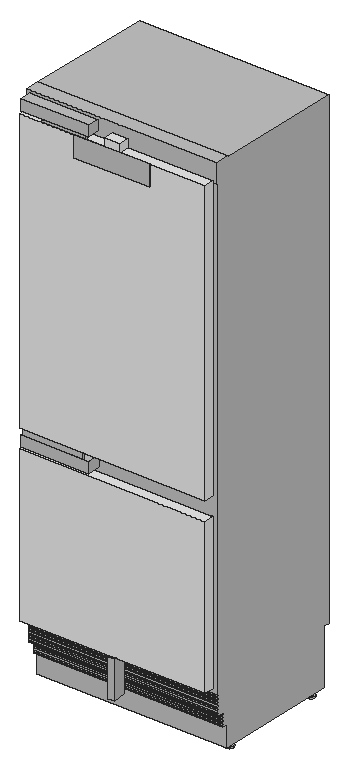
Revit family "FP_Revit_18_RS7621WLUK1_Fridge_90001119A", category Specialty Equipment, Revit 2018
Family settings
  Round Connector Dimension = Use Diameter
  Part Type = Normal
  OmniClass Number = 23.40.40.11.11
  OmniClass Title = Refrigerators and Freezers
  Work Plane-Based = No
  Always vertical = Yes
  Cut with Voids When Loaded = Yes
  Shared = No
  Room Calculation Point = No
Parameters
  Visibility - Visibility Control Note = yes
  Visibility - Clearance Required = yes
  URL = "www.fisherpaykel.com"
  Stainless Steel Door Panels (RD7621WLD) = no
  Product - Width = 756 mm  # constant formula
  Product - Height = 2134 mm  # constant formula
  Product - Depth (exl front panel) = 610 mm  # constant formula
  Model = "RS7621WLUK1"
  Material - Handle = Fisher & Paykel - Aluminium
  Material - Door Structure = Fisher & Paykel - White
  Material - Door Front = Fisher & Paykel - Stainless Steel
  Material - Body = Fisher & Paykel - Grey
  Manufacturer = "Fisher & Paykel Appliances"
  Handle Style - Contemporary Square Fine Black (AHD5RD7621WB) = no
  Handle Style - Contemporary Square Fine (AHD5RD7621W) = no
  Handle Style - Contemporary Square (AHD3RD7621W) = no
  Handle Style - Contemporary Round (AHSRD7621W) = no
  Description = "76cm Integrated Column Freezer with internal Ice & Water"
  Connector Description - Water = "1/2 BSP Stainless steel braided hose"
  Connector Description - Electrical = "230 V, 10 amp fused electrical supply"
  Cavity - Width = 762 mm  # constant formula
  Cavity - Height = 2134 mm  # constant formula
  Cavity - Depth = 650 mm  # constant formula
Reference planes
  plane 1 "Datum": y = 0
  plane 2: z = 0
  plane 3 "Center (Left/Right)": x = 0
  plane 4 "Product LHS": x = -378
  plane 5 "Product RHS": x = 378
  plane 6 "Product - Depth": y = 610
  plane 7 "Cavity LHS": x = -381
  plane 8 "Cavity RHS": x = 381
  plane 9 "Cavity - Depth": y = 628
  plane 10 "Handle Offset": x = 315
  plane 11 "Product Height": z = 2134
  plane 12 "Cavity Height": z = 2134
  plane 13 "Door Panel Datum": y = -4.1
Forms (mm)
  Extrusion 1, solid, material "Fisher & Paykel - Grey" <- "Material - Body", detail levels fine
    sketch origin (0, 0, 0) x (0, 1, 0) y (0, 0, 1)
      loop
        line (100.1, 19.1) -> (587.9, 19.1) -> (587.9, 239.7) -> (610, 239.7) -> (610, 2132.3) -> (105.1, 2132.3) -> (105.1, 2134) -> (49.9, 2134) -> (49.9, 2059) -> (56, 2059) -> (56, 228.6) -> (59.5, 228.6) -> (59.5, 219.7) -> (56.5, 219.7) -> (56.5, 215.9) -> (59.5, 215.9) -> (59.5, 207) -> (56.5, 207) -> (56.5, 203.2) -> (59.5, 203.2) -> (59.5, 194.3) -> (56.5, 194.3) -> (56.5, 190.5) -> (59.5, 190.5) -> (59.5, 181.6) -> (56.5, 181.6) -> (56.5, 177.8) -> (59.5, 177.8) -> (59.5, 168.9) -> (56.5, 168.9) -> (56.5, 165.1) -> (59.5, 165.1) -> (59.5, 156.2) -> (56.5, 156.2) -> (56.5, 152.4) -> (84.1, 152.4) -> (84.1, 143.5) -> (81.1, 143.5) -> (81.1, 139.7) -> (84.1, 139.7) -> (84.1, 130.8) -> (81.1, 130.8) -> (81.1, 127) -> (84.1, 127) -> (84.1, 118.1) -> (81.1, 118.1) -> (81.1, 114.3) -> (84.1, 114.3) -> (84.1, 105.4) -> (81.1, 105.4) -> (81.1, 101.6) -> (100.1, 101.6) -> (100.1, 19.1)
    from -378 to 378
  Extrusion 2, solid, material "Fisher & Paykel - Grey" <- "Material - Body"
    sketch origin (0, 0, 0) x (1, 0, 0) y (0, 1, 0)
      loop
        circle (-357.5, 547.8) r 4.1
      loop
        circle (-357.5, 141.8) r 4.1
      loop
        circle (357.5, 547.8) r 4.1
      loop
        circle (357.5, 141.8) r 4.1
    from 3 to 19.1
  Extrusion 3, solid, material "Fisher & Paykel - Grey" <- "Material - Body"
    sketch origin (0, 0, 0) x (1, 0, 0) y (0, 1, 0)
      loop
        circle (-357.5, 547.8) r 14.5
      loop
        circle (-357.5, 141.8) r 14.555
      loop
        circle (357.5, 547.8) r 14.5
      loop
        circle (357.5, 141.8) r 14.555
    from 0 to 3
  Extrusion 4, solid, material "Fisher & Paykel - Grey" <- "Material - Body", detail levels fine
    sketch origin (0, 0, 0) x (1, 0, 0) y (0, 1, 0)
      loop
        line (-7.5, 49) -> (-13.797, -4.1) -> (13.797, -4.1) -> (7.5, 49) -> (-7.5, 49)
    from 104.2 to 253.8
  Extrusion 5, solid, material "Fisher & Paykel - Grey" <- "Material - Body", detail levels fine
    sketch origin (0, 0, 0) x (0, 1, 0) y (0, 0, 1)
      loop
        line (0, 2070.6) -> (0, 1988.6) -> (2, 1988.6) -> (2, 2068.6) -> (4, 2068.6) -> (4, 2070.6) -> (0, 2070.6)
    from -150 to 150
  Extrusion 6, solid, material "Fisher & Paykel - Grey" <- "Material - Body"
    sketch origin (0, 0, 0) x (1, 0, 0) y (0, 0, 1)
      loop
        circle (303, 119.813) r 5
      loop
        circle (-303, 119.813) r 5
    from -590 to -587.9
  Extrusion 7, solid, material "Fisher & Paykel - White" <- "Material - Door Structure"
    sketch origin (0, 0, 0) x (1, 0, 0) y (0, 1, 0)
      loop
        line (-353, 56) -> (-353, 42) -> (353, 42) -> (353, 56) -> (-353, 56)
    from 951.3 to 2030.7
  Extrusion 8, solid, material "Fisher & Paykel - White" <- "Material - Door Structure"
    sketch origin (0, 0, 0) x (1, 0, 0) y (0, 1, 0)
      loop
        line (-369.4, 42) -> (-369.4, 3) -> (369.4, 3) -> (369.4, 42) -> (-369.4, 42)
    from 943.8 to 2068.6
  Extrusion 9, solid, material "Fisher & Paykel - White" <- "Material - Door Structure", detail levels fine
    sketch origin (0, 0, 0) x (1, 0, 0) y (0, 0, 1)
      loop
        line (-29.5, 2100.1) -> (-29.5, 2068.6) -> (29.5, 2068.6) -> (29.5, 2100.1) -> (-29.5, 2100.1)
    from -42 to -3
  Extrusion 10, solid, material "Fisher & Paykel - Stainless Steel" <- "Material - Door Front", visible <- "Stainless Steel Door Panels (RD7621WLD)"
    sketch origin (0, 0, 0) x (0, 1, 0) y (0, 0, 1)
      loop
        line (-22.1, 2130.8) -> (-22.1, 876.3) -> (-4.1, 876.3) -> (-4.1, 2130.8) -> (-22.1, 2130.8)
      loop
        line (-22.1, 102) -> (-4.1, 102) -> (-4.1, 873.1) -> (-22.1, 873.1) -> (-22.1, 102)
    from -378 to 378
  Extrusion 11, solid, material "Fisher & Paykel - Grey" <- "Material - Body", detail levels coarse+medium
    sketch origin (0, 0, 0) x (0, 1, 0) y (0, 0, 1)
      loop
        line (49.9, 2134) -> (49.9, 2059) -> (56, 2059) -> (56, 152.4) -> (81.1, 152.4) -> (81.1, 101.6) -> (100.1, 101.6) -> (100.1, 19.1) -> (587.9, 19.1) -> (587.9, 239.7) -> (610, 239.7) -> (610, 2134) -> (49.9, 2134)
    from -378 to 378
  Extrusion 12, solid, material "Fisher & Paykel - Grey" <- "Material - Body", detail levels fine
    sketch origin (0, 0, 0) x (-1, 0, 0) y (0, 0, -1)
      loop
        line (366.4, -877.25) -> (95.42, -877.25) -> (95.42, -919.35) -> (366.4, -919.35) -> (366.4, -877.25)
    from -56 to -2.5
  Extrusion 13, solid, material "Fisher & Paykel - Grey" <- "Material - Body", detail levels fine
    sketch origin (0, 0, 0) x (-1, 0, 0) y (0, 0, -1)
      loop
        line (366.4, -2123.15) -> (366.4, -2081.05) -> (95.42, -2081.05) -> (95.42, -2123.15) -> (366.4, -2123.15)
    from -49 to -2.5
  Extrusion 14, solid, material "Fisher & Paykel - Grey" <- "Material - Body", detail levels fine
    sketch origin (0, 0, -4) x (0, 1, 0) y (0, 0, 1)
      loop
        arc (163.888, 23.1) -> (180.4, 13.63) -> (196.912, 23.1) r 19.13
        line (196.912, 23.1) -> (163.888, 23.1)
      loop
        arc (493.888, 23.1) -> (510.4, 13.63) -> (526.912, 23.1) r 19.13
        line (526.912, 23.1) -> (493.888, 23.1)
    from 191 to 219
  Extrusion 15, solid, material "Fisher & Paykel - Grey" <- "Material - Body", detail levels fine
    sketch origin (0, 0, -4) x (0, 1, 0) y (0, 0, -1)
      loop
        line (163.888, -23.1) -> (196.912, -23.1)
        arc (196.912, -23.1) -> (180.4, -13.63) -> (163.888, -23.1) r 19.13
      loop
        line (493.888, -23.1) -> (526.912, -23.1)
        arc (526.912, -23.1) -> (510.4, -13.63) -> (493.888, -23.1) r 19.13
    from 191 to 219
  Extrusion 16, solid, material "Fisher & Paykel - Clearance Required", visible <- "Visibility - Clearance Required", detail levels coarse
    sketch origin (0, 0, 0) x (1, 0, 0) y (0, 1, 0)
      loop
        line (-381, 628) -> (-381, -4.1) -> (381, -4.1) -> (381, 628) -> (-381, 628)
    from 0 to 2134
  Extrusion 17, void
    sketch origin (0, 0, 0) x (1, 0, 0) y (0, 1, 0)
      loop
        line (-381, 628) -> (-381, -22.1) -> (381, -22.1) -> (381, 628) -> (-381, 628)
    from 0 to 2134
  Extrusion 18, solid, material "Fisher & Paykel - Grey" <- "Material - Body", detail levels fine
    sketch origin (0, 0, 0) x (-1, 0, 0) y (0, 0, -1)
      loop
        line (118.4, -943.8) -> (359.4, -943.8) -> (359.4, -919.35) -> (118.4, -919.35) -> (118.4, -943.8)
      loop
        line (106, -2081.05) -> (242.9, -2081.05) -> (282.9, -2076.05) -> (282.9, -2068.6) -> (106, -2068.6) -> (106, -2081.05)
    from -7 to -4
  Extrusion 19, solid, material "Fisher & Paykel - White" <- "Material - Door Structure"
    sketch origin (0, 0, 0) x (1, 0, 0) y (0, 1, 0)
      loop
        line (-369.4, 42) -> (-369.4, 3) -> (369.4, 3) -> (369.4, 42) -> (-369.4, 42)
    from 253.8 to 868.15
  Extrusion 20, solid, material "Fisher & Paykel - White" <- "Material - Door Structure"
    sketch origin (0, 0, 0) x (1, 0, 0) y (0, 1, 0)
      loop
        line (-353, 56) -> (-353, 42) -> (353, 42) -> (353, 56) -> (-353, 56)
    from 269.2 to 858.13
  Extrusion 21, solid, material "Fisher & Paykel - Clearance Required", visible <- "Visibility - Clearance Required", detail levels coarse
    sketch origin (0, 0, 0) x (0, 1, 0) y (0, 0, 1)
      loop
        line (-422.1, 873.1) -> (-422.1, 818.896) -> (-482.1, 818.896) -> (-482.1, 781.896) -> (-422.1, 781.896) -> (-422.1, 101.6) -> (-22.1, 101.6) -> (-22.1, 873.1) -> (-422.1, 873.1)
    from -381 to 381
  Extrusion 22, solid, material "Fisher & Paykel - Clearance Required", visible <- "Visibility - Clearance Required", detail levels coarse
    sketch origin (0, -0.697, 0) x (-1, 0, 0) y (0, -1, 0)
      loop
        line (301.5, 21.303) -> (378, 21.303)
        arc (378, 21.303) -> (380.992, 56.277) -> (415.915, 59.819) r 27.5
        line (415.915, 59.819) -> (697.006, 664.598) -> (723.252, 652.4)
        arc (723.252, 652.4) -> (747.815, 661.339) -> (738.875, 685.902) r 18.483
        line (738.875, 685.902) -> (712.602, 698.153) -> (734.604, 745.493)
        arc (734.604, 745.493) -> (-22.015, 691.154) -> (-378, 21.303) r 783.517
        line (-378, 21.303) -> (301.5, 21.303)
    from 876.3 to 2134
Lines and regions (mm)
  model lines, style "Fisher & Paykel"
    curve 1: line (-378, -4.1, 2130.8) -> (378, -4.1, 2130.8)
    curve 2: line (-378, -4.1, 876.3) -> (-378, -4.1, 2130.8)
    curve 3: line (378, -4.1, 876.3) -> (-378, -4.1, 876.3)
    curve 4: line (378, -4.1, 2130.8) -> (378, -4.1, 876.3)
    curve 5: line (378, -4.1, 873.1) -> (-378, -4.1, 873.1)
    curve 6: line (378, -4.1, 102) -> (378, -4.1, 873.1)
    curve 7: line (-378, -4.1, 102) -> (378, -4.1, 102)
    curve 8: line (-378, -4.1, 873.1) -> (-378, -4.1, 102)
Text (mm)
  text "Due to ongoing product development, product details are subject to change without notice. \nPlease always refer to www.fisherpaykel.com for the most current product information. \n© Fisher & Paykel 2020" at (41.04, -878.295, 0), in view "Ref. Level (Plan)"
Dimensions and locks
  equal spacing: plane 4 "Product LHS", plane 3 "Center (Left/Right)", plane 5 "Product RHS"
  "Product - Width": plane 4 "Product LHS" to plane 5 "Product RHS"
  "Product - Depth (exl front panel)": plane 1 "Datum" to plane 6 "Product - Depth"
  equal spacing: plane 7 "Cavity LHS", plane 3 "Center (Left/Right)", plane 8 "Cavity RHS"
  "Cavity - Width": plane 7 "Cavity LHS" to plane 8 "Cavity RHS"
  plane 4 "Product LHS" to Extrusion 2 sketch curve = 24.6 mm
  plane 4 "Product LHS" to plane 10 "Handle Offset" = 693 mm
  Extrusion 6 sketch curve to Extrusion 1 = 119.887 mm  (x2)
  Extrusion 6 sketch curve to plane 5 "Product RHS" = 75 mm
  plane 4 "Product LHS" to Extrusion 6 sketch curve = 75 mm
  Extrusion 1 sketch curve to Extrusion 1 sketch curve = 82.5 mm
  Extrusion 1 sketch curve to Extrusion 1 sketch curve = 209.5 mm
  Extrusion 1 sketch curve to Extrusion 1 sketch curve = 220.6 mm
  Extrusion 3 to level = 3 mm
  Extrusion 11 to Extrusion 8 = 924.7 mm
  Extrusion 11 to Extrusion 7 = 932.2 mm
  Extrusion 11 to Extrusion 11 = 2114.9 mm
  Extrusion 11 to Extrusion 10 = 82.9 mm
  "Product - Height": level to plane 11 "Product Height"
  plane 11 "Product Height" to Extrusion 10 = 3.2 mm
  Extrusion 8 to plane 11 "Product Height" = 65.4 mm
  Extrusion 7 to plane 11 "Product Height" = 103.3 mm
  Extrusion 11 sketch curve to plane 11 "Product Height" = 75 mm
  Extrusion 1 sketch curve to plane 11 "Product Height" = 1.7 mm
  Extrusion 1 sketch curve to plane 11 "Product Height" = 75 mm
  "Cavity - Height": plane 12 "Cavity Height" to level
  plane 1 "Datum" to Extrusion 16 = 628 mm
  plane 1 "Datum" to Extrusion 17 = 628 mm
  Extrusion 18 sketch curve to Extrusion 18 sketch curve = 40 mm
  Extrusion 18 sketch curve to Extrusion 18 sketch curve = 176.9 mm
  plane 3 "Center (Left/Right)" to Extrusion 18 sketch curve = 106 mm
  plane 3 "Center (Left/Right)" to Extrusion 18 sketch curve = 118.4 mm
  Extrusion 17 to level = 2134 mm
  Extrusion 1 to Extrusion 12 sketch curve = 282.58 mm
  Extrusion 1 to Extrusion 13 sketch curve = 282.58 mm
  "Cavity - Depth": Extrusion 17 to Extrusion 22
  Extrusion 22 to plane 1 "Datum" = 22 mm
  radius of Extrusion 6 sketch curve = 5 mm
  aligned and locked: level to plane 2
  aligned and locked: Extrusion 10 to plane 5 "Product RHS"
  aligned and locked: plane 4 "Product LHS" to Extrusion 10
  aligned and locked: Extrusion 11 to plane 5 "Product RHS"
  aligned and locked: Extrusion 11 to plane 4 "Product LHS"
  aligned and locked: Extrusion 11 sketch curve to plane 11 "Product Height"
  aligned and locked: plane 11 "Product Height" to Extrusion 1 sketch curve
  aligned and locked: Extrusion 14 sketch curve to Extrusion 14 sketch curve
  aligned and locked: Extrusion 15 sketch curve to Extrusion 15 sketch curve
  aligned and locked: Extrusion 1 to plane 5 "Product RHS"
  aligned and locked: plane 4 "Product LHS" to Extrusion 1
  aligned and locked: nested 2 to plane 10 "Handle Offset"
  aligned and locked: nested 3 to plane 10 "Handle Offset"
  aligned and locked: nested 4 to plane 10 "Handle Offset"
  aligned and locked: nested 5 to plane 10 "Handle Offset"
Automatic sketch dimensions
  Extrusion 1 sketch curve to plane 6 "Product - Depth" = 0 mm
  Extrusion 1 sketch curve to Extrusion 1 sketch curve = 22.1 mm
  Extrusion 1 sketch curve to plane 1 "Datum" = 105.1 mm
  level to Extrusion 1 sketch curve = 19.1 mm
  Extrusion 1 sketch curve to plane 1 "Datum" = 100.1 mm
  Extrusion 1 sketch curve to Extrusion 1 sketch curve = 16 mm
  Extrusion 1 sketch curve to Extrusion 1 sketch curve = 0 mm  (x8)
  Extrusion 1 sketch curve to Extrusion 1 sketch curve = 3 mm  (x10)
  Extrusion 1 sketch curve to plane 1 "Datum" = 59.5 mm
  Extrusion 1 sketch curve to plane 1 "Datum" = 56 mm
  Extrusion 1 sketch curve to plane 1 "Datum" = 49.9 mm
  Extrusion 1 sketch curve to Extrusion 1 sketch curve = 3.8 mm  (x10)
  Extrusion 1 sketch curve to Extrusion 1 sketch curve = 8.9 mm  (x9)
  Extrusion 2 sketch curve to plane 4 "Product LHS" = 20.5 mm  (x2)
  plane 5 "Product RHS" to Extrusion 2 sketch curve = 20.5 mm  (x2)
  Extrusion 2 sketch curve to plane 1 "Datum" = 141.8 mm  (x2)
  Extrusion 2 sketch curve to plane 6 "Product - Depth" = 62.2 mm  (x2)
  Extrusion 3 sketch curve to plane 4 "Product LHS" = 20.5 mm  (x2)
  plane 5 "Product RHS" to Extrusion 3 sketch curve = 20.5 mm  (x2)
  Extrusion 3 sketch curve to plane 1 "Datum" = 141.8 mm  (x2)
  Extrusion 3 sketch curve to plane 6 "Product - Depth" = 62.2 mm  (x2)
  plane 1 "Datum" to Extrusion 4 sketch curve = 4.1 mm
  Extrusion 4 sketch curve to plane 3 "Center (Left/Right)" = 13.797 mm
  Extrusion 4 sketch curve to plane 3 "Center (Left/Right)" = 7.5 mm
  plane 3 "Center (Left/Right)" to Extrusion 4 sketch curve = 7.5 mm
  plane 3 "Center (Left/Right)" to Extrusion 4 sketch curve = 13.797 mm
  Extrusion 4 sketch curve to plane 1 "Datum" = 49 mm
  Extrusion 5 sketch curve to plane 1 "Datum" = 0 mm
  Extrusion 5 sketch curve to plane 1 "Datum" = 2 mm
  Extrusion 5 sketch curve to Extrusion 5 sketch curve = 2 mm  (x2)
  plane 11 "Product Height" to Extrusion 5 sketch curve = 145.4 mm
  plane 11 "Product Height" to Extrusion 5 sketch curve = 65.4 mm
  Extrusion 7 sketch curve to plane 4 "Product LHS" = 25 mm
  plane 5 "Product RHS" to Extrusion 7 sketch curve = 25 mm
  Extrusion 7 sketch curve to plane 1 "Datum" = 42 mm
  Extrusion 7 sketch curve to Extrusion 7 sketch curve = 14 mm
  Extrusion 8 sketch curve to plane 1 "Datum" = 3 mm
  Extrusion 8 sketch curve to plane 4 "Product LHS" = 8.6 mm
  plane 5 "Product RHS" to Extrusion 8 sketch curve = 8.6 mm
  Extrusion 8 sketch curve to Extrusion 8 sketch curve = 39 mm
  Extrusion 9 sketch curve to plane 3 "Center (Left/Right)" = 29.5 mm
  plane 3 "Center (Left/Right)" to Extrusion 9 sketch curve = 29.5 mm
  plane 11 "Product Height" to Extrusion 9 sketch curve = 65.4 mm
  Extrusion 9 sketch curve to Extrusion 9 sketch curve = 31.5 mm
  Extrusion 11 sketch curve to plane 6 "Product - Depth" = 0 mm
  Extrusion 11 sketch curve to plane 6 "Product - Depth" = 22.1 mm
  Extrusion 11 sketch curve to plane 1 "Datum" = 100.1 mm
  Extrusion 11 sketch curve to Extrusion 11 sketch curve = 19 mm
  Extrusion 11 sketch curve to plane 1 "Datum" = 56 mm
  Extrusion 11 sketch curve to plane 1 "Datum" = 49.9 mm
  level to Extrusion 11 sketch curve = 239.7 mm
  level to Extrusion 11 sketch curve = 152.4 mm
  Extrusion 11 sketch curve to Extrusion 11 sketch curve = 50.8 mm
  level to Extrusion 11 sketch curve = 19.1 mm
  plane 4 "Product LHS" to Extrusion 12 sketch curve = 11.6 mm
  Extrusion 12 sketch curve to level = 877.25 mm
  Extrusion 12 sketch curve to Extrusion 12 sketch curve = 42.1 mm
  plane 4 "Product LHS" to Extrusion 13 sketch curve = 11.6 mm
  Extrusion 13 sketch curve to plane 11 "Product Height" = 52.95 mm
  Extrusion 13 sketch curve to plane 11 "Product Height" = 10.85 mm
  level to Extrusion 14 sketch curve = 19.1 mm
  Extrusion 14 sketch curve to plane 1 "Datum" = 163.888 mm
  Extrusion 14 sketch curve to Extrusion 14 sketch curve = 16.512 mm  (x2)
  Extrusion 14 sketch curve to plane 6 "Product - Depth" = 116.112 mm
  Extrusion 14 sketch curve to Extrusion 14 sketch curve = 9.66 mm  (x2)
  level to Extrusion 15 sketch curve = 19.1 mm
  Extrusion 15 sketch curve to plane 1 "Datum" = 163.888 mm
  Extrusion 15 sketch curve to Extrusion 15 sketch curve = 16.512 mm  (x2)
  Extrusion 15 sketch curve to plane 6 "Product - Depth" = 116.112 mm
  Extrusion 15 sketch curve to Extrusion 15 sketch curve = 9.66 mm  (x2)
  Extrusion 16 sketch curve to plane 7 "Cavity LHS" = 0 mm
  Extrusion 16 sketch curve to plane 8 "Cavity RHS" = 0 mm
  Extrusion 16 sketch curve to plane 9 "Cavity - Depth" = 0 mm
  plane 1 "Datum" to Extrusion 16 sketch curve = 4.1 mm
  Extrusion 17 sketch curve to plane 7 "Cavity LHS" = 0 mm
  Extrusion 17 sketch curve to plane 8 "Cavity RHS" = 0 mm
  plane 9 "Cavity - Depth" to Extrusion 17 sketch curve = 0 mm
  plane 1 "Datum" to Extrusion 17 sketch curve = 22.1 mm
  plane 4 "Product LHS" to Extrusion 18 sketch curve = 18.6 mm
  Extrusion 18 sketch curve to level = 919.35 mm
  Extrusion 18 sketch curve to Extrusion 18 sketch curve = 24.45 mm
  Extrusion 18 sketch curve to plane 11 "Product Height" = 65.4 mm
  Extrusion 18 sketch curve to Extrusion 18 sketch curve = 7.45 mm
  Extrusion 18 sketch curve to Extrusion 18 sketch curve = 5 mm
  Extrusion 19 sketch curve to plane 1 "Datum" = 3 mm
  Extrusion 19 sketch curve to plane 4 "Product LHS" = 8.6 mm
  plane 5 "Product RHS" to Extrusion 19 sketch curve = 8.6 mm
  Extrusion 19 sketch curve to Extrusion 19 sketch curve = 39 mm
  Extrusion 20 sketch curve to plane 4 "Product LHS" = 25 mm
  plane 5 "Product RHS" to Extrusion 20 sketch curve = 25 mm
  Extrusion 20 sketch curve to plane 1 "Datum" = 42 mm
  Extrusion 20 sketch curve to Extrusion 20 sketch curve = 14 mm
  plane 1 "Datum" to Extrusion 21 sketch curve = 482.1 mm
  Extrusion 21 sketch curve to Extrusion 21 sketch curve = 60 mm
  Extrusion 21 sketch curve to Extrusion 21 sketch curve = 0 mm
  plane 1 "Datum" to Extrusion 21 sketch curve = 22.1 mm
  level to Extrusion 21 sketch curve = 101.6 mm
  Extrusion 21 sketch curve to Extrusion 21 sketch curve = 680.296 mm
  Extrusion 21 sketch curve to Extrusion 21 sketch curve = 37 mm
  Extrusion 21 sketch curve to Extrusion 21 sketch curve = 54.204 mm
  Extrusion 22 sketch curve to plane 5 "Product RHS" = 0 mm
  Extrusion 22 sketch curve to plane 1 "Datum" = 22 mm
  plane 4 "Product LHS" to Extrusion 22 sketch curve = 76.5 mm
  plane 4 "Product LHS" to Extrusion 22 sketch curve = 0 mm
  Extrusion 22 sketch curve to plane 7 "Cavity LHS" = 19.59 mm
  Extrusion 22 sketch curve to Extrusion 22 sketch curve = 4.816 mm
  Extrusion 22 sketch curve to Extrusion 22 sketch curve = 10.509 mm
  Extrusion 22 sketch curve to plane 7 "Cavity LHS" = 316.006 mm
  Extrusion 22 sketch curve to Extrusion 22 sketch curve = 15.596 mm
  Extrusion 22 sketch curve to Extrusion 22 sketch curve = 26.246 mm
  Extrusion 22 sketch curve to Extrusion 22 sketch curve = 7.811 mm  (x2)
  Extrusion 22 sketch curve to Extrusion 22 sketch curve = 22.003 mm
  Extrusion 22 sketch curve to Extrusion 22 sketch curve = 13.185 mm
  Extrusion 22 sketch curve to Extrusion 22 sketch curve = 2.497 mm
  Extrusion 22 sketch curve to Extrusion 22 sketch curve = 93.093 mm
  Extrusion 22 sketch curve to Extrusion 22 sketch curve = 16.751 mm
  Extrusion 22 sketch curve to Extrusion 22 sketch curve = 12.251 mm
  plane 11 "Product Height" to Extrusion 10 sketch curve = 3.2 mm
  plane 1 "Datum" to Extrusion 10 sketch curve = 22.1 mm
  plane 1 "Datum" to Extrusion 10 sketch curve = 4.1 mm  (x2)
  level to Extrusion 10 sketch curve = 102 mm
  Extrusion 10 sketch curve to Extrusion 10 sketch curve = 774.3 mm
  Extrusion 10 sketch curve to Extrusion 10 sketch curve = 3.2 mm
  Extrusion 10 sketch curve to Extrusion 10 sketch curve = 18 mm
  plane 5 "Product RHS" to curve 5 = 0 mm
  plane 5 "Product RHS" to curve 1 = 0 mm
  plane 4 "Product LHS" to curve 5 = 0 mm
  plane 4 "Product LHS" to curve 2 = 0 mm
  level to curve 6 = 102 mm
  curve 6 to curve 6 = 771.1 mm
  curve 5 to curve 2 = 3.2 mm
  plane 11 "Product Height" to curve 2 = 3.2 mm
  radius of Extrusion 2 sketch curve = 4.1 mm  (x3)
  radius of Extrusion 3 sketch curve = 14.5 mm  (x2)
  radius of Extrusion 3 sketch curve = 14.555 mm  (x2)
  radius of Extrusion 6 sketch curve = 5 mm
Nested families
  nested 1: "Visibility Control Note 18" at (0, 0, 0), visible <- "Visibility - Visibility Control Note", type "Visibility Control Note 18"
  nested 2: "Handle Contemporary Round - Vertical" at (315, -22.1, 1322.58), visible <- "Handle Style - Contemporary Round (AHSRD7621W)", type "AHSRD7621W - Contemporary round handle (1 of 2) (Vertical) 727mm"
  nested 3: "Handle Contemporary Square - Vertical" at (315, -22.1, 1322.58), visible <- "Handle Style - Contemporary Square (AHD3RD7621W)", type "AHD3RD7621W - Contemporary square handle (1 of 2) (Vertical) 727mm"
  nested 4: "F&P Handle Kit - Contemporary Square Fine - Vertical" at (315, -22.1, 1322.58), visible <- "Handle Style - Contemporary Square Fine Black (AHD5RD7621WB)", type "AHD5RD7621WB - Contemporary square fine black handle (1 of 2) (Vertical) 727mm"
  nested 5: "F&P Handle Kit - Contemporary Square Fine - Vertical" at (315, -22.1, 1322.58), visible <- "Handle Style - Contemporary Square Fine (AHD5RD7621W)", type "AHD5RD7621W - Contemporary square fine handle (1 of 2) (Vertical) 727mm"
  nested 6: "Handle Contemporary Round - Horizontal" at (0, -22.1, 800.364), visible <- "Handle Style - Contemporary Round (AHSRD7621W)", type "AHSRD7621W - Contemporary round handle (2 of 2) (Horizontal) 646mm"
  nested 7: "Handle Contemporary Square - Horizontal" at (0, -22.1, 800.364), visible <- "Handle Style - Contemporary Square (AHD3RD7621W)", type "AHD3RD7621W - Contemporary square handle (2 of 2) (Horizontal) 646mm"
  nested 8: "F&P Handle Kit - Contemporary Square Fine - Horizontal" at (0, -22.1, 800.364), visible <- "Handle Style - Contemporary Square Fine Black (AHD5RD7621WB)", type "AHD5RD7621WB - Contemporary square fine handle black (2 of 2) (Horizontal) 646mm"
  nested 9: "F&P Handle Kit - Contemporary Square Fine - Horizontal" at (0, -22.1, 800.364), visible <- "Handle Style - Contemporary Square Fine (AHD5RD7621W)", type "AHD5RD7621W - Contemporary square fine handle (2 of 2) (Horizontal) 646mm"
Connectors
  electrical at (-303, 590, 119.813), driven by "Connector Description - Electrical"
    settings: on Extrusion 6, index 1, voltage 230 V, apparent load 0 VA, apparent load phase1 0 VA, apparent load phase2 0 VA, apparent load phase3 0 VA, power factor 1, load classification "Other", number of poles 1, system type 30, power factor state 1, is connector primary yes, connector utility no, sub classification motor no, connector description "230 V, 10 amp fused electrical supply"
  piping at (303, 590, 119.813), diameter 12.7, driven by "Connector Description - Water"
    settings: on Extrusion 6, index 2, connector inside diameter 609.6 mm, connector length 0 mm, flow factor 0, pipe flow 0.0 L/s, pressure drop 0.0 Pa, fitting loss kfactor 0, connector angle 0.00°, fixture units 0, engagement length 0 mm, angle of deflection 0.00°, flow configuration 0, flow direction 1, fitting loss method 0, system type 20, joint type 0, gender type 0, connector reference index -1, connector utility 1, adjustable connector no, is connector primary yes, connector description "1/2 BSP Stainless steel braided hose"
Definition of nested family "Handle Contemporary Round - Vertical"
  Parameters (values of type "AHSRD7621W - Contemporary round handle (1 of 2) (Vertical) 727mm")
    URL = "www.fisherpaykel.com"
    Material - Handle = none
    Manufacturer = "Fisher & Paykel Appliances"
    Handle - Length = 727 mm
  Types (8, lengths in mm): name | Handle - Length
    AHS-RD21 - Contemporary round handle (Vertical) 852mm | 852
    AHSRD2484W - Contemporary round handle (1 of 2) (Vertical) 727mm | 727
    AHSRD3084W - Contemporary round handle (1 of 2) (Vertical) 727mm | 727
    AHS-RD84 - Contemporary round handle (Vertical) 852mm | 852
    AHSRS3272A - Contemporary round handle (1 of 2) (Vertical) 727mm | 727
    AHSRS80A - Contemporary round handle (1 of 2) (Vertical) 727mm | 727
    AHSRD6121W - Contemporary round handle (1 of 2) (Vertical) 727mm | 727
    AHSRD7621W - Contemporary round handle (1 of 2) (Vertical) 727mm | 727
  Reference planes
    plane 1 "Center (Front/Back)": y = 0
    plane 2: z = 0
    plane 3 "Center (Left/Right)": x = 0
    plane 4 "Top": z = 363.5
    plane 5 "Bottom": z = -363.5
    plane 6 "Top Standoff": z = 243.5
    plane 7 "Bottom Standoff": z = -243.5
  Forms (mm)
    Extrusion 1, solid, material <- "Material - Handle"
      sketch origin (0, 0, 0) x (1, 0, 0) y (0, 1, 0)
        loop
          circle (0, -32.3) r 8.7
      from -243.5 to 243.5
    Extrusion 2, solid, material <- "Material - Handle", detail levels fine
      sketch origin (0, 0, 0) x (1, 0, 0) y (0, 1, 0)
        loop
          line (-8.7, 0) -> (-8.7, -32.3)
          arc (-8.7, -32.3) -> (0, -41) -> (8.7, -32.3) r 8.7
          line (8.7, -32.3) -> (8.7, 0) -> (-8.7, 0)
      from 243.5 to 363.5
    Extrusion 3, solid, material <- "Material - Handle", detail levels fine
      sketch origin (0, 0, 0) x (1, 0, 0) y (0, 1, 0)
        loop
          line (-8.7, 0) -> (-8.7, -32.3)
          arc (-8.7, -32.3) -> (0, -41) -> (8.7, -32.3) r 8.7
          line (8.7, -32.3) -> (8.7, 0) -> (-8.7, 0)
      from -363.5 to -243.5
    Sweep 4, void
      path in 3D
        loop
          line (8.7, 0, -363.5) -> (8.7, -32.3, -363.5)
          arc (8.7, -32.3, -363.5) -> (0, -41, -363.5) -> (-8.7, -32.3, -363.5) r 8.7
          line (-8.7, -32.3, -363.5) -> (-8.7, 0, -363.5)
      profile origin (8.7, -16.15, -363.5) x (-1, 0, 0) y (0, 0, -1)
        loop
          line (0, 0) -> (0, -1) -> (1, 0) -> (0, 0)
    Sweep 5, void
      path in 3D
        loop
          line (-8.7, 0, 363.5) -> (-8.7, -32.3, 363.5)
          arc (-8.7, -32.3, 363.5) -> (0, -41, 363.5) -> (8.7, -32.3, 363.5) r 8.7
          line (8.7, -32.3, 363.5) -> (8.7, 0, 363.5)
      profile origin (8.7, -16.15, 363.5) x (-1, 0, 0) y (0, 0, 1)
        loop
          line (0, 0) -> (0, -1) -> (1, 0) -> (0, 0)
    Extrusion 6, solid, material <- "Material - Handle", detail levels coarse+medium
      sketch origin (0, 0, 0) x (1, 0, 0) y (0, 1, 0)
        loop
          line (-8.7, 0) -> (-8.7, -32.3)
          arc (-8.7, -32.3) -> (0, -41) -> (8.7, -32.3) r 8.7
          line (8.7, -32.3) -> (8.7, 0) -> (-8.7, 0)
      from 243.5 to 363.5
    Extrusion 7, solid, material <- "Material - Handle", detail levels coarse+medium
      sketch origin (0, 0, 0) x (1, 0, 0) y (0, 1, 0)
        loop
          line (-8.7, 0) -> (-8.7, -32.3)
          arc (-8.7, -32.3) -> (0, -41) -> (8.7, -32.3) r 8.7
          line (8.7, -32.3) -> (8.7, 0) -> (-8.7, 0)
      from -363.5 to -243.5
  Cuts and joins
    Sweep 4 cuts Extrusion 3
    Sweep 5 cuts Extrusion 2
  Lines and regions (mm)
    sketch lines
      curve 1: line (8.7, 0, -363.5) -> (8.7, -32.3, -363.5)
      curve 2: arc (-8.7, -32.3, -363.5) -> (0, -41, -363.5) -> (8.7, -32.3, -363.5) r 8.7
      curve 3: line (-8.7, -32.3, -363.5) -> (-8.7, 0, -363.5)
      curve 4: line (8.7, -32.3, 363.5) -> (8.7, 0, 363.5)
      curve 5: arc (8.7, -32.3, 363.5) -> (0, -41, 363.5) -> (-8.7, -32.3, 363.5) r 8.7
      curve 6: line (-8.7, 0, 363.5) -> (-8.7, -32.3, 363.5)
  Dimensions and locks
    equal spacing: plane 4 "Top", level, plane 5 "Bottom"
    "Handle - Length": plane 4 "Top" to plane 5 "Bottom"
    locked: plane 4 "Top" to plane 6 "Top Standoff" at 120
    locked: plane 7 "Bottom Standoff" to plane 5 "Bottom" at 120
    Extrusion 2 sketch curve to Extrusion 2 sketch curve = 17.4 mm
    Extrusion 3 sketch curve to Extrusion 3 sketch curve = 17.4 mm
    Extrusion 6 sketch curve to Extrusion 6 sketch curve = 17.4 mm
    Extrusion 7 sketch curve to Extrusion 7 sketch curve = 17.4 mm
    aligned and locked: level to plane 2
    aligned and locked: plane 4 "Top" to Extrusion 2
    aligned and locked: Extrusion 3 to plane 5 "Bottom"
    aligned and locked: plane 7 "Bottom Standoff" to Extrusion 3
    aligned and locked: Extrusion 1 to plane 7 "Bottom Standoff"
    aligned and locked: plane 6 "Top Standoff" to Extrusion 1
    aligned and locked: Extrusion 2 to Extrusion 1
    aligned and locked: Extrusion 6 to Extrusion 1
    aligned and locked: plane 4 "Top" to Extrusion 6
    aligned and locked: Extrusion 7 to Extrusion 1
    aligned and locked: Extrusion 7 to plane 5 "Bottom"
  Automatic sketch dimensions
    Extrusion 1 sketch curve to plane 3 "Center (Left/Right)" = 0 mm
    plane 1 "Center (Front/Back)" to Extrusion 1 sketch curve = 32.3 mm
    plane 1 "Center (Front/Back)" to Extrusion 2 sketch curve = 0 mm
    Extrusion 2 sketch curve to plane 3 "Center (Left/Right)" = 0 mm
    Extrusion 2 sketch curve to plane 3 "Center (Left/Right)" = 8.7 mm
    plane 1 "Center (Front/Back)" to Extrusion 2 sketch curve = 32.3 mm
    plane 1 "Center (Front/Back)" to Extrusion 3 sketch curve = 0 mm
    Extrusion 3 sketch curve to plane 3 "Center (Left/Right)" = 0 mm
    Extrusion 3 sketch curve to plane 3 "Center (Left/Right)" = 8.7 mm
    plane 1 "Center (Front/Back)" to Extrusion 3 sketch curve = 32.3 mm
    Sweep 4 sketch curve to profile plane = 0 mm  (x2)
    Sweep 4 sketch curve to profile plane = 1 mm  (x2)
    Sweep 5 sketch curve to profile plane = 0 mm  (x2)
    Sweep 5 sketch curve to profile plane = 1 mm  (x2)
    Extrusion 6 sketch curve to plane 3 "Center (Left/Right)" = 0 mm
    Extrusion 6 sketch curve to plane 3 "Center (Left/Right)" = 8.7 mm
    plane 1 "Center (Front/Back)" to Extrusion 6 sketch curve = 32.3 mm
    Extrusion 6 sketch curve to Extrusion 6 sketch curve = 32.3 mm
    Extrusion 7 sketch curve to plane 3 "Center (Left/Right)" = 0 mm
    Extrusion 7 sketch curve to plane 3 "Center (Left/Right)" = 8.7 mm
    plane 1 "Center (Front/Back)" to Extrusion 7 sketch curve = 32.3 mm
    Extrusion 7 sketch curve to Extrusion 7 sketch curve = 32.3 mm
    radius of Extrusion 1 sketch curve = 8.7 mm
Definition of nested family "Handle Contemporary Square - Vertical"
  Parameters (values of type "AHD3RD6121W - Contemporary square handle (1 of 2) (Vertical) 727mm")
    URL = "www.fisherpaykel.com"
    Material - Handle = none
    Manufacturer = "Fisher & Paykel Appliances"
    Handle - Length = 727 mm
  Types (9, lengths in mm): name | Handle - Length
    (no name) | 727
    AHD3-RD21 - Contemporary square handle (Vertical) 852mm | 852
    AHD3RD2484W - Contemporary square handle (1 of 2) (Vertical) 727mm | 727
    AHD3RD3084W - Contemporary square handle (1 of 2) (Vertical) 727mm | 727
    AHD3-RD84 - Contemporary square handle (Vertical) 852mm | 852
    AHD3RS3272A - Contemporary square handle (1 of 2) (Vertical) 727mm | 727
    AHD3RS80A - Contemporary square handle (1 of 2) (Vertical) 727mm | 727
    AHD3RD6121W - Contemporary square handle (1 of 2) (Vertical) 727mm | 727
    AHD3RD7621W - Contemporary square handle (1 of 2) (Vertical) 727mm | 727
  Reference planes
    plane 1 "Center (Front/Back)": y = 0
    plane 2: z = 0
    plane 3 "Center (Left/Right)": x = 0
    plane 4 "Top": z = 363.5
    plane 5 "Bottom": z = -363.5
    plane 6 "Top Standoff": z = 243.5
    plane 7 "Bottom Standoff": z = -243.5
  Forms (mm)
    Extrusion 1, solid, material <- "Material - Handle", detail levels fine
      sketch origin (0, 0, 0) x (1, 0, 0) y (0, 1, 0)
        loop
          arc (-7.583, -28.701) -> (-7.89, -29.057) -> (-8, -29.514) r 1
          line (-8, -29.514) -> (-8, -40.5)
          arc (-8, -40.5) -> (-7.561, -41.561) -> (-6.5, -42) r 1.5
          line (-6.5, -42) -> (6.5, -42)
          arc (6.5, -42) -> (7.561, -41.561) -> (8, -40.5) r 1.5
          line (8, -40.5) -> (8, -29.487)
          arc (8, -29.487) -> (7.889, -29.029) -> (7.58, -28.673) r 1
          arc (7.58, -28.673) -> (-0.006, -26.256) -> (-7.583, -28.701) r 13.038
      from -363.5 to 363.5
    Extrusion 2, solid, material <- "Material - Handle", detail levels fine
      sketch origin (0, 0, 0) x (1, 0, 0) y (0, 1, 0)
        loop
          arc (7.058, -28.23) -> (7.466, -28.244) -> (7.674, -27.893) r 0.4
          line (7.674, -27.893) -> (7.674, 0) -> (-7.674, 0) -> (-7.674, -27.86)
          arc (-7.674, -27.86) -> (-7.467, -28.21) -> (-7.06, -28.198) r 0.4
          arc (-7.06, -28.198) -> (0.004, -26.156) -> (7.058, -28.23) r 13.136
      from 243.5 to 363.5
    Extrusion 3, solid, material <- "Material - Handle", detail levels fine
      sketch origin (0, 0, 0) x (1, 0, 0) y (0, 1, 0)
        loop
          arc (7.058, -28.23) -> (7.466, -28.244) -> (7.674, -27.893) r 0.4
          line (7.674, -27.893) -> (7.674, 0) -> (-7.674, 0) -> (-7.674, -27.86)
          arc (-7.674, -27.86) -> (-7.467, -28.21) -> (-7.06, -28.198) r 0.4
          arc (-7.06, -28.198) -> (0.004, -26.156) -> (7.058, -28.23) r 13.136
      from -363.5 to -243.5
    Sweep 4, void
      path in 3D
        loop
          line (-8, -29.514, 363.5) -> (-8, -40.5, 363.5)
          arc (-8, -40.5, 363.5) -> (-7.561, -41.561, 363.5) -> (-6.5, -42, 363.5) r 1.5
          line (-6.5, -42, 363.5) -> (6.5, -42, 363.5)
          arc (6.5, -42, 363.5) -> (7.561, -41.561, 363.5) -> (8, -40.5, 363.5) r 1.5
          line (8, -40.5, 363.5) -> (8, -29.487, 363.5)
      profile origin (8, -34.994, 363.5) x (-1, 0, 0) y (0, 0, 1)
        loop
          line (0, 0) -> (0, -1.3) -> (1.3, 0) -> (0, 0)
    Sweep 5, void
      path in 3D
        loop
          line (8, -29.487, -363.5) -> (8, -40.5, -363.5)
          arc (8, -40.5, -363.5) -> (7.561, -41.561, -363.5) -> (6.5, -42, -363.5) r 1.5
          line (6.5, -42, -363.5) -> (-6.5, -42, -363.5)
          arc (-6.5, -42, -363.5) -> (-7.561, -41.561, -363.5) -> (-8, -40.5, -363.5) r 1.5
          line (-8, -40.5, -363.5) -> (-8, -29.514, -363.5)
      profile origin (8, -34.994, -363.5) x (-1, 0, 0) y (0, 0, -1)
        loop
          line (0, 0) -> (0, -1.3) -> (1.3, 0) -> (0, 0)
    Extrusion 6, void
      sketch origin (0, 0, 0) x (1, 0, 0) y (0, 0, 1)
        loop
          line (-8, -362.2) -> (-8, -363.5) -> (-6.7, -363.5) -> (-8, -362.2)
        loop
          line (8, -362.2) -> (6.7, -363.5) -> (8, -363.5) -> (8, -362.2)
      from 0 to 40
    Extrusion 7, void
      sketch origin (0, 0, 0) x (1, 0, 0) y (0, 0, 1)
        loop
          line (-8, 363.5) -> (-8, 362.2) -> (-6.7, 363.5) -> (-8, 363.5)
        loop
          line (8, 363.5) -> (6.7, 363.5) -> (8, 362.2) -> (8, 363.5)
      from 0 to 40
    Extrusion 8, solid, material <- "Material - Handle", detail levels coarse+medium
      sketch origin (0, 0, 0) x (0, 1, 0) y (0, 0, 1)
        loop
          line (0, 363.5) -> (-42, 363.5) -> (-42, -363.5) -> (0, -363.5) -> (0, -243.5) -> (-26.245, -243.5) -> (-26.245, 243.5) -> (0, 243.5) -> (0, 363.5)
      from -8 to 8
  Cuts and joins
    Sweep 4, Sweep 5, Extrusion 6, Extrusion 7 cuts Extrusion 1
    Extrusion 6 cuts Extrusion 3
    Extrusion 7 cuts Extrusion 2
  Lines and regions (mm)
    sketch lines
      curve 1: line (8, -40.5, 363.5) -> (8, -29.487, 363.5)
      curve 2: arc (8, -40.5, 363.5) -> (7.561, -41.561, 363.5) -> (6.5, -42, 363.5) r 1.5
      curve 3: line (-6.5, -42, 363.5) -> (6.5, -42, 363.5)
      curve 4: arc (-6.5, -42, 363.5) -> (-7.561, -41.561, 363.5) -> (-8, -40.5, 363.5) r 1.5
      curve 5: line (-8, -29.514, 363.5) -> (-8, -40.5, 363.5)
      curve 6: line (8, -29.487, -363.5) -> (8, -40.5, -363.5)
      curve 7: arc (6.5, -42, -363.5) -> (7.561, -41.561, -363.5) -> (8, -40.5, -363.5) r 1.5
      curve 8: line (6.5, -42, -363.5) -> (-6.5, -42, -363.5)
      curve 9: arc (-8, -40.5, -363.5) -> (-7.561, -41.561, -363.5) -> (-6.5, -42, -363.5) r 1.5
      curve 10: line (-8, -40.5, -363.5) -> (-8, -29.514, -363.5)
  Dimensions and locks
    equal spacing: plane 4 "Top", level, plane 5 "Bottom"
    "Handle - Length": plane 4 "Top" to plane 5 "Bottom"
    locked: plane 4 "Top" to plane 6 "Top Standoff" at 120
    locked: plane 7 "Bottom Standoff" to plane 5 "Bottom" at 120
    aligned and locked: level to plane 2
    aligned and locked: plane 4 "Top" to Extrusion 2
    aligned and locked: Extrusion 2 to plane 6 "Top Standoff"
    aligned and locked: plane 4 "Top" to Extrusion 1
    aligned and locked: Extrusion 1 to plane 5 "Bottom"
    aligned and locked: Extrusion 3 to plane 5 "Bottom"
    aligned and locked: plane 7 "Bottom Standoff" to Extrusion 3
    aligned and locked: plane 4 "Top" to Extrusion 8 sketch curve
    aligned and locked: plane 6 "Top Standoff" to Extrusion 8 sketch curve
    aligned and locked: plane 7 "Bottom Standoff" to Extrusion 8 sketch curve
    aligned and locked: plane 5 "Bottom" to Extrusion 8 sketch curve
    aligned and locked: plane 1 "Center (Front/Back)" to Extrusion 8 sketch curve  (x2)
  Automatic sketch dimensions
    Extrusion 1 sketch curve to plane 3 "Center (Left/Right)" = 8 mm
    Extrusion 1 sketch curve to Extrusion 1 sketch curve = 1 mm  (x2)
    Extrusion 1 sketch curve to Extrusion 1 sketch curve = 1.5 mm
    plane 3 "Center (Left/Right)" to Extrusion 1 sketch curve = 0.018 mm
    plane 3 "Center (Left/Right)" to Extrusion 1 sketch curve = 6.5 mm
    plane 3 "Center (Left/Right)" to Extrusion 1 sketch curve = 7 mm
    plane 1 "Center (Front/Back)" to Extrusion 1 sketch curve = 42 mm
    Extrusion 1 sketch curve to Extrusion 1 sketch curve = 1.206 mm
    Extrusion 1 sketch curve to Extrusion 1 sketch curve = 10.986 mm
    Extrusion 1 sketch curve to Extrusion 1 sketch curve = 11.013 mm
    Extrusion 1 sketch curve to Extrusion 1 sketch curve = 0 mm
    plane 1 "Center (Front/Back)" to Extrusion 2 sketch curve = 0 mm
    Extrusion 2 sketch curve to plane 3 "Center (Left/Right)" = 7.674 mm
    Extrusion 2 sketch curve to Extrusion 2 sketch curve = 0.4 mm  (x2)
    Extrusion 2 sketch curve to plane 3 "Center (Left/Right)" = 0.026 mm
    plane 3 "Center (Left/Right)" to Extrusion 2 sketch curve = 7.274 mm
    plane 1 "Center (Front/Back)" to Extrusion 2 sketch curve = 27.86 mm
    Extrusion 2 sketch curve to Extrusion 2 sketch curve = 0.033 mm
    Extrusion 2 sketch curve to Extrusion 2 sketch curve = 11.398 mm
    Extrusion 2 sketch curve to Extrusion 2 sketch curve = 0 mm
    plane 1 "Center (Front/Back)" to Extrusion 3 sketch curve = 0 mm
    Extrusion 3 sketch curve to Extrusion 3 sketch curve = 0.4 mm  (x2)
    Extrusion 3 sketch curve to Extrusion 3 sketch curve = 7.248 mm
    Extrusion 3 sketch curve to Extrusion 3 sketch curve = 7.3 mm
    plane 1 "Center (Front/Back)" to Extrusion 3 sketch curve = 27.86 mm
    Extrusion 3 sketch curve to Extrusion 3 sketch curve = 0.033 mm
    Extrusion 3 sketch curve to Extrusion 3 sketch curve = 11.398 mm
    Extrusion 3 sketch curve to Extrusion 3 sketch curve = 0 mm
    Sweep 4 sketch curve to profile plane = 0 mm  (x2)
    Sweep 4 sketch curve to profile plane = 1.3 mm  (x2)
    Sweep 5 sketch curve to profile plane = 0 mm  (x2)
    Sweep 5 sketch curve to profile plane = 1.3 mm  (x2)
    Extrusion 6 sketch curve to plane 5 "Bottom" = 0 mm  (x2)
    plane 5 "Bottom" to Extrusion 6 sketch curve = 1.3 mm  (x2)
    Extrusion 6 sketch curve to plane 3 "Center (Left/Right)" = 8 mm
    Extrusion 6 sketch curve to Extrusion 6 sketch curve = 1.3 mm  (x2)
    plane 3 "Center (Left/Right)" to Extrusion 6 sketch curve = 8 mm
    Extrusion 7 sketch curve to plane 4 "Top" = 0 mm  (x2)
    Extrusion 7 sketch curve to plane 3 "Center (Left/Right)" = 8 mm
    Extrusion 7 sketch curve to Extrusion 7 sketch curve = 1.3 mm  (x2)
    plane 3 "Center (Left/Right)" to Extrusion 7 sketch curve = 8 mm
    Extrusion 7 sketch curve to plane 4 "Top" = 1.3 mm  (x2)
    plane 1 "Center (Front/Back)" to Extrusion 8 sketch curve = 26.245 mm
    plane 1 "Center (Front/Back)" to Extrusion 8 sketch curve = 42 mm
    Extrusion 3 sketch curve to plane 3 "Center (Left/Right)" = 7.674 mm
Definition of nested family "F&P Handle Kit - Contemporary Square Fine - Vertical"
  Parameters (values of type "AHD5RD90AB - Contemporary square fine black handle (1 of 2) (Vertical) 727mm")
    URL = "www.fisherpaykel.com"
    Material - Handle = none
    Manufacturer = "Fisher & Paykel Appliances"
    Handle - Length = 727 mm
  Types (14): name
    AHD5RD2484W - Contemporary square fine handle (1 of 2) (Vertical) 727mm
    AHD5RD2484WB - Contemporary square fine black handle (1 of 2) (Vertical) 727mm
    AHD5RD3084W - Contemporary square fine handle (1 of 2) (Vertical) 727mm
    AHD5RD3084WB - Contemporary square fine black handle (1 of 2) (Vertical) 727mm
    AHD5RD6121W - Contemporary square fine handle (1 of 2) (Vertical) 727mm
    AHD5RD6121WB - Contemporary square fine black handle (1 of 2) (Vertical) 727mm
    AHD5RD7621W - Contemporary square fine handle (1 of 2) (Vertical) 727mm
    AHD5RD7621WB - Contemporary square fine black handle (1 of 2) (Vertical) 727mm
    AHD5RD36A - Contemporary square fine handle (1 of 2) (Vertical) 727mm
    AHD5RD36AB - Contemporary square fine black handle (1 of 2) (Vertical) 727mm
    AHD5RD80A - Contemporary square fine handle (1 of 2) (Vertical) 727mm
    AHD5RD90A - Contemporary square fine handle (1 of 2) (Vertical) 727mm
    AHD5RD80AB - Contemporary square fine black handle (1 of 2) (Vertical) 727mm
    AHD5RD90AB - Contemporary square fine black handle (1 of 2) (Vertical) 727mm
  Reference planes
    plane 1 "Center (Front/Back)": y = 0
    plane 2: z = 0
    plane 3 "Center (Left/Right)": x = 0
    plane 4 "Top": z = 363.5
    plane 5 "Bottom": z = -363.5
    plane 6 "Top Standoff": z = 243.5
    plane 7 "Bottom Standoff": z = -243.5
  Forms (mm)
    Extrusion 1, solid, material <- "Material - Handle", detail levels fine
      sketch origin (0, 0, 0) x (1, 0, 0) y (0, 1, 0)
        loop
          arc (-6.16, -26.813) -> (-6.554, -27.196) -> (-6.686, -27.728) r 1
          line (-6.686, -27.728) -> (-6.256, -40.035)
          arc (-6.256, -40.035) -> (-5.951, -40.719) -> (-5.257, -41) r 1
          line (-5.257, -41) -> (5.257, -41)
          arc (5.257, -41) -> (5.951, -40.719) -> (6.256, -40.035) r 1
          line (6.256, -40.035) -> (6.686, -27.709)
          arc (6.686, -27.709) -> (6.554, -27.175) -> (6.158, -26.792) r 1
          arc (6.158, -26.792) -> (-0.004, -25.256) -> (-6.16, -26.813) r 13.038
      from -363.5 to 363.5
    Extrusion 2, solid, material <- "Material - Handle", detail levels fine
      sketch origin (0, 0, 0) x (1, 0, 0) y (0, 1, 0)
        loop
          arc (6.012, -26.626) -> (6.494, -26.614) -> (6.741, -26.2) r 0.5
          line (6.741, -26.2) -> (7.7, 0) -> (-7.7, 0) -> (-6.742, -26.174)
          arc (-6.742, -26.174) -> (-6.496, -26.587) -> (-6.015, -26.6) r 0.5
          arc (-6.015, -26.6) -> (0.002, -25.156) -> (6.012, -26.626) r 13.136
      from 243.5 to 363.5
    Extrusion 3, solid, material <- "Material - Handle", detail levels coarse+medium
      sketch origin (0, 0, 0) x (0, 1, 0) y (0, 0, 1)
        loop
          line (0, 363.5) -> (-42, 363.5) -> (-42, -363.5) -> (0, -363.5) -> (0, -243.5) -> (-26.245, -243.5) -> (-26.245, 243.5) -> (0, 243.5) -> (0, 363.5)
      from -8 to 8
    Extrusion 4, solid, material <- "Material - Handle", detail levels fine
      sketch origin (0, 0, 0) x (1, 0, 0) y (0, 1, 0)
        loop
          arc (6.012, -26.626) -> (6.494, -26.614) -> (6.741, -26.2) r 0.5
          line (6.741, -26.2) -> (7.7, 0) -> (-7.7, 0) -> (-6.742, -26.174)
          arc (-6.742, -26.174) -> (-6.496, -26.587) -> (-6.015, -26.6) r 0.5
          arc (-6.015, -26.6) -> (0.002, -25.156) -> (6.012, -26.626) r 13.136
      from -363.5 to -243.5
  Dimensions and locks
    equal spacing: plane 4 "Top", level, plane 5 "Bottom"
    "Handle - Length": plane 4 "Top" to plane 5 "Bottom"
    locked: plane 4 "Top" to plane 6 "Top Standoff" at 120
    locked: plane 7 "Bottom Standoff" to plane 5 "Bottom" at 120
    aligned and locked: level to plane 2
    aligned and locked: plane 4 "Top" to Extrusion 2
    aligned and locked: Extrusion 2 to plane 6 "Top Standoff"
    aligned and locked: plane 4 "Top" to Extrusion 1
    aligned and locked: Extrusion 1 to plane 5 "Bottom"
    aligned and locked: plane 4 "Top" to Extrusion 3 sketch curve
    aligned and locked: plane 6 "Top Standoff" to Extrusion 3 sketch curve
    aligned and locked: plane 7 "Bottom Standoff" to Extrusion 3 sketch curve
    aligned and locked: plane 5 "Bottom" to Extrusion 3 sketch curve
    aligned and locked: Extrusion 4 to plane 5 "Bottom"
    aligned and locked: plane 7 "Bottom Standoff" to Extrusion 4
  Automatic sketch dimensions
    Extrusion 1 sketch curve to plane 3 "Center (Left/Right)" = 6.686 mm
    Extrusion 1 sketch curve to plane 3 "Center (Left/Right)" = 6.256 mm
    Extrusion 1 sketch curve to Extrusion 1 sketch curve = 0.999 mm  (x4)
    plane 3 "Center (Left/Right)" to Extrusion 1 sketch curve = 0.018 mm
    plane 3 "Center (Left/Right)" to Extrusion 1 sketch curve = 5.257 mm
    plane 3 "Center (Left/Right)" to Extrusion 1 sketch curve = 5.687 mm
    plane 1 "Center (Front/Back)" to Extrusion 1 sketch curve = 41 mm
    Extrusion 1 sketch curve to Extrusion 1 sketch curve = 0.965 mm  (x2)
    Extrusion 1 sketch curve to Extrusion 1 sketch curve = 1.706 mm
    Extrusion 1 sketch curve to Extrusion 1 sketch curve = 12.307 mm
    Extrusion 1 sketch curve to Extrusion 1 sketch curve = 12.326 mm
    Extrusion 1 sketch curve to Extrusion 1 sketch curve = 0.035 mm  (x2)
    Extrusion 1 sketch curve to Extrusion 1 sketch curve = 0 mm
    plane 1 "Center (Front/Back)" to Extrusion 2 sketch curve = 0 mm
    Extrusion 2 sketch curve to plane 3 "Center (Left/Right)" = 7.7 mm
    Extrusion 2 sketch curve to plane 3 "Center (Left/Right)" = 6.742 mm
    Extrusion 2 sketch curve to Extrusion 2 sketch curve = 0.5 mm  (x2)
    Extrusion 2 sketch curve to plane 3 "Center (Left/Right)" = 0.026 mm
    plane 3 "Center (Left/Right)" to Extrusion 2 sketch curve = 6.242 mm
    plane 3 "Center (Left/Right)" to Extrusion 2 sketch curve = 7.7 mm
    plane 1 "Center (Front/Back)" to Extrusion 2 sketch curve = 26.155 mm
    Extrusion 2 sketch curve to Extrusion 2 sketch curve = 0.018 mm  (x2)
    Extrusion 2 sketch curve to Extrusion 2 sketch curve = 0.026 mm
    Extrusion 2 sketch curve to Extrusion 2 sketch curve = 12.11 mm
    Extrusion 2 sketch curve to Extrusion 2 sketch curve = 0 mm
    plane 1 "Center (Front/Back)" to Extrusion 3 sketch curve = 42 mm
    Extrusion 3 sketch curve to Extrusion 3 sketch curve = 15.755 mm
    Extrusion 3 sketch curve to Extrusion 3 sketch curve = 42 mm  (x2)
    Extrusion 4 sketch curve to plane 3 "Center (Left/Right)" = 7.7 mm
    Extrusion 4 sketch curve to plane 3 "Center (Left/Right)" = 6.742 mm
    Extrusion 4 sketch curve to Extrusion 4 sketch curve = 0.5 mm  (x2)
    Extrusion 4 sketch curve to plane 3 "Center (Left/Right)" = 0.026 mm
    plane 3 "Center (Left/Right)" to Extrusion 4 sketch curve = 6.242 mm
    plane 3 "Center (Left/Right)" to Extrusion 4 sketch curve = 7.7 mm
    plane 1 "Center (Front/Back)" to Extrusion 4 sketch curve = 38.291 mm
    Extrusion 4 sketch curve to Extrusion 4 sketch curve = 12.091 mm
    Extrusion 4 sketch curve to Extrusion 4 sketch curve = 0.018 mm  (x2)
    Extrusion 4 sketch curve to Extrusion 4 sketch curve = 0.452 mm
    Extrusion 4 sketch curve to Extrusion 4 sketch curve = 26.174 mm
    Extrusion 4 sketch curve to Extrusion 4 sketch curve = 0 mm
Definition of nested family "Handle Contemporary Round - Horizontal"
  Parameters (values of type "AHSRD6121W - Contemporary round handle (2 of 2) (Horizontal) 494mm")
    URL = "www.fisherpaykel.com"
    Product - Width = 494 mm
    Material - Handle = none
    Manufacturer = "Fisher & Paykel Appliances"
  Types (7, lengths in mm): name | Product - Width
    (no name) | 494
    AHSRD2484W - Contemporary round handle (2 of 2) (Horizontal) 494mm | 494
    AHSRD3084W - Contemporary round handle (2 of 2) (Horizontal) 646mm | 646
    AHSRS3272A - Contemporary round handle (2 of 2) (Horizontal) 646mm | 646
    AHSRS80A - Contemporary round handle (2 of 2) (Horizontal) 646mm | 646
    AHSRD6121W - Contemporary round handle (2 of 2) (Horizontal) 494mm | 494
    AHSRD7621W - Contemporary round handle (2 of 2) (Horizontal) 646mm | 646
  Reference planes
    plane 1 "Center (Front/Back)": y = 0
    plane 2: z = 0
    plane 3 "Center (Left/Right)": x = 0
    plane 4 "Product LHS": x = -247
    plane 5 "Product RHS": x = 247
    plane 6 "LHS Standoff": x = -126.995
    plane 7 "RHS Standoff": x = 127.005
  Forms (mm)
    Extrusion 1, solid, material <- "Material - Handle"
      sketch origin (0, 0, 0) x (0, 1, 0) y (0, 0, 1)
        loop
          circle (-32.3, 0) r 8.7
      from -126.995 to 127.005
    Extrusion 2, solid, material <- "Material - Handle", detail levels fine
      sketch origin (0, 0, 0) x (0, 1, 0) y (0, 0, 1)
        loop
          line (0, 8.7) -> (-32.3, 8.7)
          arc (-32.3, 8.7) -> (-41, 0) -> (-32.3, -8.7) r 8.7
          line (-32.3, -8.7) -> (0, -8.7) -> (0, 8.7)
      from 127.005 to 247
    Extrusion 3, solid, material <- "Material - Handle", detail levels fine
      sketch origin (0, 0, 0) x (0, 1, 0) y (0, 0, -1)
        loop
          line (0, -8.7) -> (0, 8.7) -> (-32.3, 8.7)
          arc (-32.3, 8.7) -> (-41, 0) -> (-32.3, -8.7) r 8.7
          line (-32.3, -8.7) -> (0, -8.7)
      from 126.995 to 247
    Sweep 4, void
      path in 3D
        loop
          line (247, 0, 8.7) -> (247, -32.3, 8.7)
          arc (247, -32.3, 8.7) -> (247, -41, 0) -> (247, -32.3, -8.7) r 8.7
          line (247, -32.3, -8.7) -> (247, 0, -8.7)
      profile origin (247, -16.15, 8.7) x (1, 0, 0) y (0, 0, 1)
        loop
          line (0, 0) -> (-1, 0) -> (0, -1) -> (0, 0)
    Sweep 5, void
      path in 3D
        loop
          line (-247, 0, -8.7) -> (-247, -32.3, -8.7)
          arc (-247, -32.3, -8.7) -> (-247, -41, 0) -> (-247, -32.3, 8.7) r 8.7
          line (-247, -32.3, 8.7) -> (-247, 0, 8.7)
      profile origin (-247, -16.15, 8.7) x (-1, 0, 0) y (0, 0, 1)
        loop
          line (0, 0) -> (-1, 0) -> (0, -1) -> (0, 0)
    Extrusion 6, solid, material <- "Material - Handle", detail levels coarse+medium
      sketch origin (0, 0, 0) x (0, 1, 0) y (0, 0, 1)
        loop
          line (0, 8.7) -> (-32.3, 8.7)
          arc (-32.3, 8.7) -> (-41, 0) -> (-32.3, -8.7) r 8.7
          line (-32.3, -8.7) -> (0, -8.7) -> (0, 8.7)
      from 127.005 to 247
    Extrusion 7, solid, material <- "Material - Handle", detail levels coarse+medium
      sketch origin (0, 0, 0) x (0, 1, 0) y (0, 0, -1)
        loop
          line (0, -8.7) -> (0, 8.7) -> (-32.3, 8.7)
          arc (-32.3, 8.7) -> (-41, 0) -> (-32.3, -8.7) r 8.7
          line (-32.3, -8.7) -> (0, -8.7)
      from 126.995 to 247
  Cuts and joins
    Sweep 4 cuts Extrusion 2
    Sweep 5 cuts Extrusion 3
  Lines and regions (mm)
    sketch lines
      curve 1: line (247, 0, 8.7) -> (247, -32.3, 8.7)
      curve 2: arc (247, -32.3, -8.7) -> (247, -41, 0) -> (247, -32.3, 8.7) r 8.7
      curve 3: line (247, -32.3, -8.7) -> (247, 0, -8.7)
      curve 4: line (-247, -32.3, 8.7) -> (-247, 0, 8.7)
      curve 5: arc (-247, -32.3, 8.7) -> (-247, -41, 0) -> (-247, -32.3, -8.7) r 8.7
      curve 6: line (-247, 0, -8.7) -> (-247, -32.3, -8.7)
  Dimensions and locks
    equal spacing: plane 4 "Product LHS", plane 3 "Center (Left/Right)", plane 5 "Product RHS"
    "Product - Width": plane 4 "Product LHS" to plane 5 "Product RHS"
    locked: plane 4 "Product LHS" to plane 6 "LHS Standoff" at 120.005
    locked: plane 7 "RHS Standoff" to plane 5 "Product RHS" at 119.995
    equal spacing: Extrusion 2 sketch curve, level, Extrusion 2 sketch curve
    Extrusion 3 sketch curve to Extrusion 3 sketch curve = 17.4 mm
    Extrusion 6 sketch curve to Extrusion 6 sketch curve = 17.4 mm
    Extrusion 7 sketch curve to Extrusion 7 sketch curve = 17.4 mm
    aligned and locked: level to plane 2
    aligned and locked: plane 7 "RHS Standoff" to Extrusion 1
    aligned and locked: Extrusion 2 to Extrusion 1
    aligned and locked: Extrusion 2 to plane 5 "Product RHS"
    aligned and locked: plane 4 "Product LHS" to Extrusion 3
    aligned and locked: plane 6 "LHS Standoff" to Extrusion 3
    aligned and locked: Extrusion 1 to plane 6 "LHS Standoff"
    aligned and locked: Extrusion 6 to Extrusion 1
    aligned and locked: Extrusion 6 to plane 5 "Product RHS"
    aligned and locked: plane 4 "Product LHS" to Extrusion 7
    aligned and locked: Extrusion 7 to Extrusion 1
  Automatic sketch dimensions
    Extrusion 1 sketch curve to level = 0 mm
    plane 1 "Center (Front/Back)" to Extrusion 1 sketch curve = 32.3 mm
    Extrusion 2 sketch curve to plane 1 "Center (Front/Back)" = 0 mm
    Extrusion 2 sketch curve to level = 8.7 mm
    plane 1 "Center (Front/Back)" to Extrusion 2 sketch curve = 32.3 mm
    Extrusion 3 sketch curve to level = 0 mm
    Extrusion 3 sketch curve to plane 1 "Center (Front/Back)" = 0 mm
    Extrusion 3 sketch curve to level = 8.7 mm
    plane 1 "Center (Front/Back)" to Extrusion 3 sketch curve = 32.3 mm
    Sweep 4 sketch curve to profile plane = 0 mm
    profile plane to Sweep 4 sketch curve = 0 mm
    profile plane to Sweep 4 sketch curve = 1 mm
    Sweep 4 sketch curve to profile plane = 1 mm
    Sweep 5 sketch curve to profile plane = 0 mm  (x2)
    profile plane to Sweep 5 sketch curve = 1 mm
    Sweep 5 sketch curve to profile plane = 1 mm
    Extrusion 6 sketch curve to level = 0 mm
    level to Extrusion 6 sketch curve = 8.7 mm
    plane 1 "Center (Front/Back)" to Extrusion 6 sketch curve = 32.3 mm
    Extrusion 6 sketch curve to Extrusion 6 sketch curve = 32.3 mm
    Extrusion 7 sketch curve to level = 0 mm
    level to Extrusion 7 sketch curve = 8.7 mm
    plane 1 "Center (Front/Back)" to Extrusion 7 sketch curve = 32.3 mm
    Extrusion 7 sketch curve to Extrusion 7 sketch curve = 32.3 mm
    radius of Extrusion 1 sketch curve = 8.7 mm
Definition of nested family "Handle Contemporary Square - Horizontal"
  Parameters (values of type "AHD3RD7621W - Contemporary square handle (2 of 2) (Horizontal) 646mm")
    URL = "www.fisherpaykel.com"
    Material - Handle = none
    Manufacturer = "Fisher & Paykel Appliances"
    Handle - Length = 646 mm
  Types (7, lengths in mm): name | Handle - Length
    (no name) | 646
    AHD3RD2484W - Contemporary square handle (2 of 2) (Horizontal) 494mm | 494
